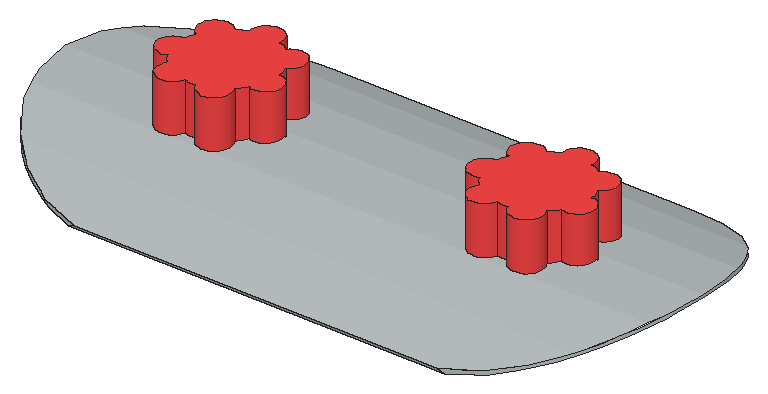
Revit family "NLRS_57_DUA_FB_inspection-panal-round-duct_LT_velu", category Duct Accessories, host Face, Revit 2021
Family settings
  Host = Face
  Round Connector Dimension = Use Diameter
  Part Type = Attaches To
  Cut with Voids When Loaded = No
  Shared = No
Parameters (values of type "VID 200")
  VELU_Zoek_Dia1 = 200 mm
  VELU_Model_Radius3 = (VELU_Calculation_Parameter / 2) + 1 mm  # 51 mm
  VELU_Model_Radius2 = VELU_Model_Radius - 1 mm  # 99 mm
  VELU_Model_Radius = VELU_Zoek_Dia1 / 2  # 100 mm
  VELU_Model = size_lookup(VELU_Article_Data, "Model", "NB", VELU_Zoek_Dia1)  # "VID 200 200x100"
  VELU_Gewicht [instance] = size_lookup(VELU_Article_Data, "Gewicht", 0, VELU_Zoek_Dia1) * 1.00 kg / 100  # 0.38 kg
  VELU_Contra_Angle [instance] = asin((VELU_Calculation_Parameter / 2) / VELU_Model_Radius2)  # 30.3347°
  VELU_Calculation_Parameter2 = size_lookup(VELU_Article_Data, "B", 180 mm, VELU_Zoek_Dia1)  # 200 mm
  VELU_Calculation_Parameter = size_lookup(VELU_Article_Data, "H", VELU_Zoek_Dia1 / 2, VELU_Zoek_Dia1)  # 100 mm
  VELU_Bim-site [instance] = "https://velu.nl/bim/"
  VELU_Artikel_code [instance] = size_lookup(VELU_Article_Data, "", "NB", VELU_Zoek_Dia1)  # "5100000006"
  VELU_Article_Data = "VID"  # constant formula
  URL = "https://webshop.velu.nl/ronde-kanalen/#twn|?tn_cid=49-58"
  Type Comments = "Face Based"  # constant formula
  NLRS_M_c01_diameter [instance] = VELU_Zoek_Dia1  # 200 mm
  NLRS_C_model [instance] = VELU_Model  # "VID 200 200x100"
  NLRS_C_description = Description  # "Inspectiedeksel voor rond kanaal"
  NLRS_C_content_versie = "3.21.01"  # constant formula
  NLRS_C_content_provider = "Velu Klimaattechnische groothandel"  # constant formula
  NLRS_C_content_datum_gewijzigd = "21-11-2023"  # constant formula
  NLRS_C_content_creator = "J.Feeke"  # constant formula
  Model = VELU_Model  # "VID 200 200x100"
  Manufacturer = "Velu Klimaattechnische groothandel"  # constant formula
  Description = "Inspectiedeksel voor rond kanaal"  # constant formula
  Default Elevation = 0 mm
  Assembly Code = "57.00"
Types (11, lengths in mm): name | VELU_Zoek_Dia1 | VELU_Model_Radius3 | VELU_Model_Radius2 | VELU_Model_Radius | VELU_Model | VELU_Gewicht | VELU_Contra_Angle | VELU_Calculation_Parameter2 | VELU_Calculation_Parameter | VELU_Artikel_code | NLRS_M_c01_diameter | NLRS_C_model | Model | Default Elevation
  (no name) | 200 | 51 | 99 | 100 | "VID 200 200x100" | 0.38 kg | 30.3347° | 200 | 100 | "5100000006" | 200 | "VID 200 200x100" | "VID 200 200x100" | 0
  VID 100 | 100 | 41 | 49 | 50 | "VID 100 180x80" | 0.32 kg | 54.7187° | 180 | 80 | "5100000000" | 100 | "VID 100 180x80" | "VID 100 180x80" | 1219.2
  VID 125 | 125 | 41 | 61.5 | 62.5 | "VID 125 180x80" | 0.32 kg | 40.5723° | 180 | 80 | "5100000002" | 125 | "VID 125 180x80" | "VID 125 180x80" | 1219.2
  VID 150 | 150 | 51 | 74 | 75 | "VID 150 200x100" | 0.38 kg | 42.5066° | 200 | 100 | "5100000023" | 150 | "VID 150 200x100" | "VID 150 200x100" | 1219.2
  VID 160 | 160 | 51 | 79 | 80 | "VID 160 200x100" | 0.38 kg | 39.2652° | 200 | 100 | "5100000004" | 160 | "VID 160 200x100" | "VID 160 200x100" | 1219.2
  VID 200 | 200 | 51 | 99 | 100 | "VID 200 200x100" | 0.38 kg | 30.3347° | 200 | 100 | "5100000006" | 200 | "VID 200 200x100" | "VID 200 200x100" | 0
  VID 250 | 250 | 51 | 124 | 125 | "VID 250 200x100" | 0.38 kg | 23.78° | 200 | 100 | "5100000008" | 250 | "VID 250 200x100" | "VID 250 200x100" | 1219.2
  VID 315 | 315 | 101 | 156.5 | 157.5 | "VID 315 300x200" | 0.87 kg | 39.7156° | 300 | 200 | "5100000024" | 315 | "VID 315 300x200" | "VID 315 300x200" | 1219.2
  VID 400 | 400 | 151 | 199 | 200 | "VID 400 400x300" | 1.39 kg | 48.9179° | 400 | 300 | "5100000011" | 400 | "VID 400 400x300" | "VID 400 400x300" | 1219.2
  VID 500 | 500 | 151 | 249 | 250 | "VID 500 400x300" | 1.39 kg | 37.0427° | 400 | 300 | "5100000012" | 500 | "VID 500 400x300" | "VID 500 400x300" | 1219.2
  VID 630 | 630 | 151 | 314 | 315 | "VID 630 400x300" | 1.39 kg | 28.5357° | 400 | 300 | "5100000013" | 630 | "VID 630 400x300" | "VID 630 400x300" | 1219.2
Reference planes
  plane 1 "Center (Front/Back)": y = 0
  plane 2: z = 0
  plane 3 "Center (Left/Right)": x = 0
  plane 4: z = -99
  plane 5: y = 50
  plane 6: y = -50
  plane 7: x = -100
  plane 8: x = 100
  plane 9: x = -49
  plane 10: x = 49
  plane 11: y = 51
  plane 12: y = -51
  plane 13: x = -115
  plane 14: x = 115
  plane 15: z = 15
Forms (mm)
  Extrusion 1, solid, material "SACS_Label"
    sketch origin (78.368, 0, 0) x (1, 0, 0) y (0, 1, 0)
      loop
        arc (-122.558, 14.208) -> (-127.368, 19.875) -> (-132.179, 14.208) r 4.875
        arc (-132.179, 14.208) -> (-133.877, 13.515) -> (-135.477, 12.619) r 15
        arc (-135.477, 12.619) -> (-142.907, 12.392) -> (-141.476, 5.098) r 4.875
        arc (-141.476, 5.098) -> (-141.992, 3.338) -> (-142.29, 1.528) r 15
        arc (-142.29, 1.528) -> (-146.745, -4.423) -> (-140.15, -7.851) r 4.875
        arc (-140.15, -7.851) -> (-139.096, -9.352) -> (-137.867, -10.714) r 15
        arc (-137.867, -10.714) -> (-135.992, -17.907) -> (-129.199, -14.888) r 4.875
        arc (-129.199, -14.888) -> (-127.368, -15) -> (-125.538, -14.888) r 15
        arc (-125.538, -14.888) -> (-118.745, -17.907) -> (-116.87, -10.714) r 4.875
        arc (-116.87, -10.714) -> (-115.641, -9.352) -> (-114.587, -7.851) r 15
        arc (-114.587, -7.851) -> (-107.992, -4.423) -> (-112.446, 1.528) r 4.875
        arc (-112.446, 1.528) -> (-112.745, 3.338) -> (-113.261, 5.098) r 15
        arc (-113.261, 5.098) -> (-111.83, 12.392) -> (-119.259, 12.619) r 4.875
        arc (-119.259, 12.619) -> (-120.86, 13.515) -> (-122.558, 14.208) r 15
    from 15 to 0
  Extrusion 2, solid, material "SACS_Label"
    sketch origin (176.368, 0, 0) x (1, 0, 0) y (0, 1, 0)
      loop
        arc (-122.558, 14.208) -> (-127.368, 19.875) -> (-132.179, 14.208) r 4.875
        arc (-132.179, 14.208) -> (-133.877, 13.515) -> (-135.477, 12.619) r 15
        arc (-135.477, 12.619) -> (-142.907, 12.392) -> (-141.476, 5.098) r 4.875
        arc (-141.476, 5.098) -> (-141.992, 3.338) -> (-142.29, 1.528) r 15
        arc (-142.29, 1.528) -> (-146.745, -4.423) -> (-140.15, -7.851) r 4.875
        arc (-140.15, -7.851) -> (-139.096, -9.352) -> (-137.867, -10.714) r 15
        arc (-137.867, -10.714) -> (-135.992, -17.907) -> (-129.199, -14.888) r 4.875
        arc (-129.199, -14.888) -> (-127.368, -15) -> (-125.538, -14.888) r 15
        arc (-125.538, -14.888) -> (-118.745, -17.907) -> (-116.87, -10.714) r 4.875
        arc (-116.87, -10.714) -> (-115.641, -9.352) -> (-114.587, -7.851) r 15
        arc (-114.587, -7.851) -> (-107.992, -4.423) -> (-112.446, 1.528) r 4.875
        arc (-112.446, 1.528) -> (-112.745, 3.338) -> (-113.261, 5.098) r 15
        arc (-113.261, 5.098) -> (-111.83, 12.392) -> (-119.259, 12.619) r 4.875
        arc (-119.259, 12.619) -> (-120.86, 13.515) -> (-122.558, 14.208) r 15
    from 15 to 0
  Extrusion 3, solid, material "NLRS_57_sendzimir verzinkt_gen_sacs"
    sketch origin (0, 0, 0) x (0, 1, 0) y (0, 0, 1)
      loop
        arc (-50, -13.554) -> (0, 0) -> (50, -13.554) r 99
        line (50, -13.554) -> (50.403, -12.632)
        arc (50.403, -12.632) -> (0, 1) -> (-50.403, -12.632) r 100
        line (-50.403, -12.632) -> (-50, -13.554)
    from -100 to 100
  Extrusion 4, void
    sketch origin (0, 0, 0) x (1, 0, 0) y (0, 1, 0)
      loop
        line (-49, 51) -> (-115, 51) -> (-115, -51) -> (-49, -51)
        arc (-49, -51) -> (-100, 0) -> (-49, 51) r 51
      loop
        arc (49, 51) -> (100, 0) -> (49, -51) r 51
        line (49, -51) -> (115, -51) -> (115, 51) -> (49, 51)
    from -99 to 15
Cuts and joins
  Extrusion 4 cuts Extrusion 3
Lines and regions (mm)
  reference lines
    curve 1: line (0, 0, -99) -> (0, 50, -13.554)
    curve 2: line (0, 0, -99) -> (0, -50.505, -12.691)
    curve 3: line (0, 50.505, -12.691) -> (0, 0, -99)
    curve 4: line (0, 0, -99) -> (0, -50, -13.554)
Dimensions and locks
  "VELU_Model_Radius2": level to plane 4
  equal spacing: plane 5, plane 1 "Center (Front/Back)", plane 6
  "VELU_Calculation_Parameter": plane 5 to plane 6
  equal spacing: plane 7, plane 3 "Center (Left/Right)", plane 8
  "VELU_Calculation_Parameter2": plane 7 to plane 8
  locked: curve 1 to plane 4
  locked: plane 1 "Center (Front/Back)" to curve 1
  "VELU_Model_Radius2": curve 1 to curve 1
  "VELU_Model_Radius": curve 3 to curve 3
  "VELU_Model_Radius3": plane 7 to plane 9
  "VELU_Model_Radius3": plane 10 to plane 8
  plane 5 to plane 11 = 1 mm
  plane 6 to plane 12 = 1 mm
  "VELU_Model_Radius2": curve 4 to curve 4
  "VELU_Model_Radius": curve 2 to curve 2
  plane 15 to level = 15 mm
  locked: plane 13 to plane 7 at 15
  locked: plane 8 to plane 14 at 15
  "VELU_Model_Radius2": radius of Extrusion 3 sketch curve
  "VELU_Model_Radius": radius of Extrusion 3 sketch curve
  "VELU_Contra_Angle": angle plane 1 "Center (Front/Back)" to curve 3
  "VELU_Contra_Angle": angle curve 2 to plane 1 "Center (Front/Back)"
  aligned and locked: plane 2 to host face
  aligned and locked: level to host face
  aligned and locked: curve 1 to curve 3
  aligned and locked: Extrusion 2 to level
  aligned and locked: Extrusion 1 to level
  aligned and locked: plane 15 to Extrusion 2
  aligned and locked: plane 15 to Extrusion 1
  aligned and locked: Extrusion 3 to plane 7
  aligned and locked: plane 8 to Extrusion 3
  aligned and locked: Extrusion 4 to plane 4
  aligned and locked: Extrusion 4 to Extrusion 1
Automatic sketch dimensions
  host sketch curve to host sketch curve = 2438.4 mm  (x2)
  plane 11 to Extrusion 4 sketch curve = 0 mm  (x2)
  Extrusion 4 sketch curve to plane 13 = 0 mm
  plane 1 "Center (Front/Back)" to Extrusion 4 sketch curve = 0 mm
  Extrusion 4 sketch curve to plane 9 = 0 mm
  Extrusion 4 sketch curve to plane 10 = 0 mm
  Extrusion 4 sketch curve to plane 14 = 0 mm
  Extrusion 4 sketch curve to plane 12 = 0 mm
  curve 4 to plane 6 = 0 mm
  Extrusion 3 sketch curve to Extrusion 3 sketch curve = 0 mm  (x2)
  Extrusion 3 sketch curve to plane 6 = 0 mm
  Extrusion 3 sketch curve to plane 1 "Center (Front/Back)" = 0 mm
  Extrusion 3 sketch curve to plane 5 = 0 mm
  Extrusion 3 sketch curve to plane 4 = 0 mm
  plane 6 to Extrusion 3 sketch curve = 0.403 mm
  Extrusion 3 sketch curve to plane 5 = 0.403 mm
  Extrusion 1 sketch curve to Extrusion 1 sketch curve = 0 mm  (x43)
  plane 1 "Center (Front/Back)" to Extrusion 1 sketch curve = 0 mm
  Extrusion 1 sketch curve to plane 9 = 0 mm  (x2)
  Extrusion 1 sketch curve to plane 9 = 6.508 mm
  Extrusion 1 sketch curve to plane 9 = 11.727 mm
  plane 1 "Center (Front/Back)" to Extrusion 1 sketch curve = 3.338 mm  (x2)
  Extrusion 1 sketch curve to Extrusion 1 sketch curve = 2.896 mm  (x2)
  plane 9 to Extrusion 1 sketch curve = 6.508 mm
  plane 9 to Extrusion 1 sketch curve = 11.727 mm
  Extrusion 1 sketch curve to Extrusion 1 sketch curve = 10.177 mm
  Extrusion 1 sketch curve to plane 1 "Center (Front/Back)" = 9.352 mm  (x2)
  Extrusion 1 sketch curve to Extrusion 1 sketch curve = 5.648 mm
  Extrusion 1 sketch curve to plane 9 = 1.831 mm
  Extrusion 1 sketch curve to plane 9 = 4.81 mm
  Extrusion 1 sketch curve to Extrusion 1 sketch curve = 3.299 mm  (x2)
  Extrusion 1 sketch curve to Extrusion 1 sketch curve = 3.99 mm  (x2)
  Extrusion 1 sketch curve to Extrusion 1 sketch curve = 2.283 mm  (x2)
  Extrusion 1 sketch curve to Extrusion 1 sketch curve = 2.38 mm  (x2)
  Extrusion 1 sketch curve to plane 1 "Center (Front/Back)" = 1.528 mm
  Extrusion 1 sketch curve to Extrusion 1 sketch curve = 0.815 mm
  plane 9 to Extrusion 1 sketch curve = 1.831 mm
  plane 9 to Extrusion 1 sketch curve = 4.81 mm
  Extrusion 2 sketch curve to Extrusion 2 sketch curve = 0 mm  (x42)
  plane 1 "Center (Front/Back)" to Extrusion 2 sketch curve = 0 mm
  Extrusion 2 sketch curve to plane 10 = 0 mm  (x2)
  Extrusion 2 sketch curve to plane 10 = 6.508 mm
  Extrusion 2 sketch curve to plane 10 = 11.727 mm
  plane 1 "Center (Front/Back)" to Extrusion 2 sketch curve = 3.338 mm  (x2)
  Extrusion 2 sketch curve to Extrusion 2 sketch curve = 2.896 mm  (x2)
  plane 10 to Extrusion 2 sketch curve = 6.508 mm
  plane 10 to Extrusion 2 sketch curve = 11.727 mm
  Extrusion 2 sketch curve to Extrusion 2 sketch curve = 10.177 mm  (x2)
  Extrusion 2 sketch curve to plane 1 "Center (Front/Back)" = 9.352 mm  (x2)
  Extrusion 2 sketch curve to Extrusion 2 sketch curve = 5.648 mm
  Extrusion 2 sketch curve to plane 10 = 1.831 mm
  Extrusion 2 sketch curve to plane 10 = 4.81 mm
  Extrusion 2 sketch curve to Extrusion 2 sketch curve = 3.299 mm  (x2)
  Extrusion 2 sketch curve to Extrusion 2 sketch curve = 3.99 mm  (x2)
  Extrusion 2 sketch curve to Extrusion 2 sketch curve = 2.283 mm  (x2)
  Extrusion 2 sketch curve to Extrusion 2 sketch curve = 2.38 mm  (x2)
  Extrusion 2 sketch curve to plane 1 "Center (Front/Back)" = 1.528 mm
  Extrusion 2 sketch curve to Extrusion 2 sketch curve = 0.815 mm
  plane 10 to Extrusion 2 sketch curve = 1.831 mm
  plane 10 to Extrusion 2 sketch curve = 4.81 mm
